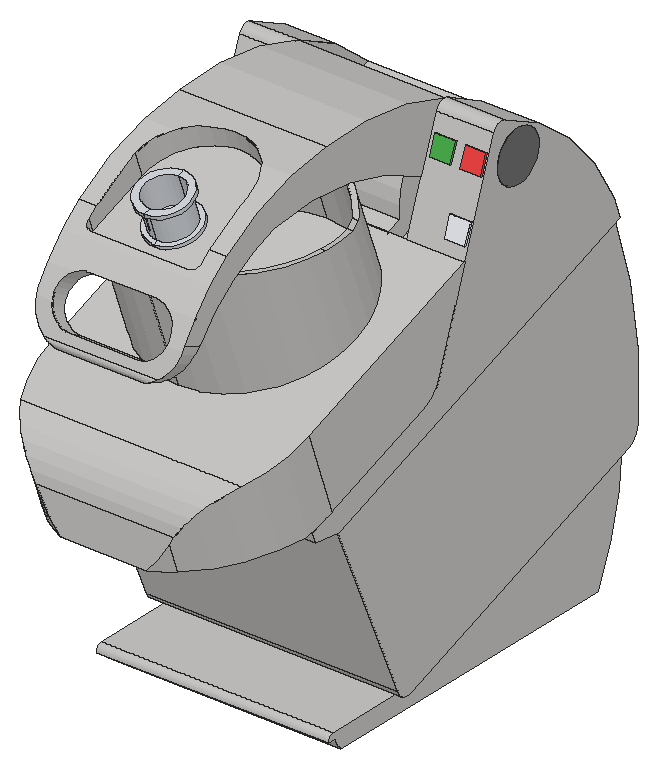
Revit family "QF_ELECTROLUXPROFESSIONAL_600464_TRSY1V50", category Specialty Equipment, Revit 2018
Family settings
  Round Connector Dimension = Use Diameter
  Part Type = Normal
  Work Plane-Based = No
  Always vertical = Yes
  Cut with Voids When Loaded = No
  Shared = No
  Room Calculation Point = No
Parameters (values of type "QF_ELECTROLUX_600464_TRSY1V50")
  Weight = 21.40 kg
  Watts = 0 W
  Volts = 220 V
  URL Manufacturer = "http://professional.electrolux.com"
  URL = "http://professional.electrolux.com"
  Steam Supply Size = 0 mm
  Steam Supply Minimum Pressure = 0.0 Pa
  Steam Supply Maximum Pressure = 0.0 Pa
  Steam Pounds per Hour = 0
  Refrigeration Suction Line Size = 0 mm
  Refrigeration Liquid Line Size = 0 mm
  Refrigerant Compressor Remote = yes
  Manufacturer = "Electrolux"
  Phase = 1
  Model = "TRSY1V50"
  Length Actual = 252 mm  # constant formula
  Item Number = "600464"
  Hot Water Size = 0 mm
  Height Actual = 515 mm  # constant formula
  HP = "0.7 HP"
  Gas Size = 0 mm
  Gas KW = 0
  Gas Input Pressure = 0 W
  Direct Waste Size = 0 mm
  Description = "VEGETABLE SLICER-1 SPEED-500W-220-240/1/50"
  Depth Actual = 500 mm  # constant formula
  Cycle = 50 Hz
  Condensate Return Size = 0 mm
  Compressed Air Volume = 0.0 L/s
  Compressed Air Size = 0 mm
  Compressed Air Pressure = 0.0 Pa
  Cold Water Size = 0 mm
  Accessory = yes
Reference planes
  plane 1 "Center (Front/Back)": y = 0
  plane 2: z = 0
  plane 3 "Center (Left/Right)": x = 0
  plane 4 "BASE": through (-1506.947, -1354.442, -482.669) normal (0, -0.342, 0.9397)
  plane 5 "TOP": z = 780
  plane 6 "FRONT": y = -250
  plane 7 "BACK": y = 250
  plane 8 "LEFT": x = -126
  plane 9 "RIGHT": x = 126
  plane 10 "BaseSup": through (4267.2, -355.454, 143.983) normal (0, -0.342, 0.9397)
  plane 11 "TopCylinder": z = 502
  plane 12 "panel": through (4267.2, 37.396, 376.789) normal (0, -0.9397, 0.342)
  plane 13 "TAN1": through (4267.2, -242.8, 386.84) normal (0, -0.868, 0.4965)
  plane 14 "cx": x = -4.392
Forms (mm)
  Extrusion 1, solid, material "QF_Finishes_Stainless Steel"
    sketch origin (0, 71.755, 29.173) x (0, 0.939693, 0.34202) y (0, -0.34202, 0.939693)
      loop
        line (194.125, 30) -> (-100, 30) -> (-172.671, 56.45)
        arc (-172.671, 56.45) -> (-177.706, 56.23) -> (-181.11, 52.515) r 6.584
        line (-181.11, 52.515) -> (-172.825, 49.499)
        arc (-172.825, 49.499) -> (-173.282, 42.917) -> (-170.601, 36.887) r 13.662
        line (-170.601, 36.887) -> (125.402, -70.849)
        arc (125.402, -70.849) -> (140.415, -55.659) -> (154.125, -39.282) r 258.806
        arc (154.125, -39.282) -> (176.416, -5.964) -> (194.125, 30) r 303.676
    from -114.1 to 114.1
  Extrusion 2, solid, material "QF_Finishes_Stainless Steel"
    sketch origin (0, 71.755, 29.173) x (0, 0.939693, 0.34202) y (0, -0.34202, 0.939693)
      loop
        arc (-117.754, 231.836) -> (-115.421, 136.806) -> (-106.378, 42.177) r 1344.145
        arc (-106.378, 42.177) -> (-102.811, 33.567) -> (-94.2, 30) r 12.177
        line (-94.2, 30) -> (191.415, 30)
        arc (191.415, 30) -> (200.799, 34.052) -> (207.001, 42.177) r 20.212
        arc (207.001, 42.177) -> (237.263, 134.79) -> (245.906, 231.836) r 430.148
        line (245.906, 231.836) -> (-117.754, 231.836)
    from -123.6 to 123.2
  Extrusion 3, solid, material "QF_Finishes_Stainless Steel"
    sketch origin (0, 71.755, 29.173) x (0, 0.939693, 0.34202) y (0, -0.34202, 0.939693)
      loop
        line (-117.754, 231.836) -> (250, 231.836) -> (250, 254)
        arc (250, 254) -> (225.127, 344.7) -> (167.861, 419.303) r 244.524
        arc (167.861, 419.303) -> (160.498, 421.774) -> (153.587, 418.23) r 10
        line (153.587, 418.23) -> (25.432, 265.5)
        arc (25.432, 265.5) -> (14.376, 257.016) -> (0.77, 254) r 32.194
        line (0.77, 254) -> (-142.678, 254) -> (-142.678, 244) -> (-117.754, 231.836)
    from -125 to 125
  Extrusion 4, void
    sketch origin (0, 71.755, 29.173) x (0, 0.939693, 0.34202) y (0, -0.34202, 0.939693)
      loop
        line (146.605, 338.403) -> (228.145, 338.403)
        arc (228.145, 338.403) -> (202.221, 381.996) -> (167.861, 419.303) r 244.524
        arc (167.861, 419.303) -> (160.498, 421.774) -> (153.587, 418.23) r 10
        line (153.587, 418.23) -> (72.34, 321.403) -> (146.605, 321.403) -> (146.605, 338.403)
    from -76.755 to 68.071
  Extrusion 5, solid, material "QF_Finishes_Stainless Steel"
    sketch origin (0, 71.755, 29.173) x (0, 0.939693, 0.34202) y (0, -0.34202, 0.939693)
      loop
        line (86.605, 338.403) -> (69.605, 321.403) -> (146.605, 321.403) -> (146.605, 338.403) -> (138.179, 338.403) -> (138.179, 369.367)
        arc (138.179, 369.367) -> (147.784, 373.474) -> (158.149, 372.174) r 19.987
        arc (158.149, 372.174) -> (156.791, 382.001) -> (162.888, 389.826) r 12.748
        arc (162.888, 389.826) -> (123.302, 374.774) -> (101.605, 338.403) r 64.447
        line (101.605, 338.403) -> (86.605, 338.403)
    from -65 to 50
  Extrusion 6, solid, material "QF_Finishes_Stainless Steel"
    sketch origin (539, 71.755, 29.173) x (0, -0.939693, -0.34202) y (0, -0.34202, 0.939693)
      loop
        circle (-169.102, 378.696) r 12.748
    from 489 to 604
  Extrusion 7, solid, material "QF_Finishes_Rubber Black"
    sketch origin (0, 71.755, 29.173) x (0, 0.939693, 0.34202) y (0, -0.34202, 0.939693)
      loop
        circle (169.102, 378.696) r 25
    from 125 to 126.6
  Extrusion 8, solid, material "QF_Finishes_Green"
    sketch origin (-10, -113.728, -38.42) x (0, -0.34202, -0.939693) y (1, 0, 0)
      loop
        line (-529.862, 82.865) -> (-509.862, 82.865) -> (-509.862, 102.865) -> (-529.862, 102.865) -> (-529.862, 82.865)
    from 0 to 1.6
  Extrusion 9, solid, material "QF_Finishes_Red"
    sketch origin (20, -113.728, -38.42) x (0, -0.34202, -0.939693) y (1, 0, 0)
      loop
        line (-529.862, 82.865) -> (-509.862, 82.865) -> (-509.862, 102.865) -> (-529.862, 102.865) -> (-529.862, 82.865)
    from 0 to 1.6
  Extrusion 10, solid, material "QF_Finishes_White"
    sketch origin (19.976, -149.421, -75.636) x (0, -0.34202, -0.939693) y (1, 0, 0)
      loop
        line (-521.192, 82.865) -> (-501.192, 82.865) -> (-501.192, 102.865) -> (-521.192, 102.865) -> (-521.192, 82.865)
    from 0 to 1.6
  Extrusion 11, solid, material "QF_Finishes_Rubber Black"
    sketch origin (-20, -306.935, 99.376) x (0, -1, 0) y (1, 0, 0)
      loop
        circle (-230.144, 103.748) r 10
      loop
        circle (-230.144, -61.252) r 10
    from 9.274 to 3.787
  Extrusion 12, void
    sketch origin (-20.94, 306.731, 139.428) x (-1, 0, 0) y (0, -0.34202, 0.939693)
      loop
        circle (-20.94, 196.093) r 10
    from -1.916 to -26.433
  Extrusion 13, solid, material "QF_Finishes_Stainless Steel"
    sketch origin (-20.94, 306.678, 139.573) x (-1, 0, 0) y (0, -0.34202, 0.939693)
      loop
        circle (-20.94, 195.939) r 9.999
    from -8.514 to -26.433
  Extrusion 14, solid, material "QF_Finishes_Stainless Steel"
    sketch origin (0, -15.119, 267.855) x (0, -0.939693, -0.34202) y (1, 0, 0)
      loop
        line (-86.605, -125) -> (117.754, -125)
        arc (117.754, -125) -> (182.577, -108.838) -> (232.224, -64.135) r 138.076
        arc (232.224, -64.135) -> (246.337, -33.516) -> (250, 0) r 104.824
        arc (250, 0) -> (246.337, 33.516) -> (232.224, 64.135) r 104.824
        arc (232.224, 64.135) -> (182.577, 108.838) -> (117.754, 125) r 138.076
        line (117.754, 125) -> (-86.605, 125) -> (-86.605, -125)
    from 0 to 84.403
  Extrusion 15, void
    sketch origin (0, 71.755, 29.173) x (0, 0.939693, 0.34202) y (0, -0.34202, 0.939693)
      loop
        line (-148.177, 254) -> (-243.49, 272.527) -> (-229.509, 307.133)
        arc (-229.509, 307.133) -> (-211.109, 329.855) -> (-183.149, 338.403) r 50
        line (-183.149, 338.403) -> (-263.395, 338.403) -> (-263.395, 254) -> (-148.177, 254)
      loop
        line (86.605, 338.403) -> (25.432, 265.5)
        arc (25.432, 265.5) -> (14.376, 257.016) -> (0.77, 254) r 32.194
        line (0.77, 254) -> (86.605, 254) -> (86.605, 338.403)
    from -156.555 to 144.79
  Extrusion 16, solid, material "QF_Finishes_Rubber Black"
    sketch origin (-20, -28.598, 99.376) x (0, -1, 0) y (1, 0, 0)
      loop
        circle (-230.144, 103.748) r 10
      loop
        circle (-230.144, -61.252) r 10
    from 9.274 to 3.787
  Extrusion 17, solid, material "QF_Finishes_Stainless Steel"
    sketch origin (0, 0, 0) x (0, 1, 0) y (0, 0, 1)
      loop
        arc (-237.987, 360.286) -> (-193.334, 422.101) -> (-125.907, 457.716) r 167.502
        arc (-125.907, 457.716) -> (-32.614, 457.202) -> (54.785, 424.565) r 266.494
        line (54.785, 424.565) -> (73.036, 474.711)
        arc (73.036, 474.711) -> (77.269, 479.853) -> (83.792, 481.198) r 10
        arc (83.792, 481.198) -> (12.917, 500.705) -> (-60.594, 500.999) r 278.64
        arc (-60.594, 500.999) -> (-125.023, 488.463) -> (-183.511, 458.675) r 236.13
        arc (-183.511, 458.675) -> (-222.818, 420.732) -> (-248.457, 372.49) r 174.407
        arc (-248.457, 372.49) -> (-249.83, 368.135) -> (-247.05, 364.513) r 4.945
        line (-247.05, 364.513) -> (-237.987, 360.286)
    from -76.755 to 68.071
  Extrusion 18, void
    sketch origin (0, -252.846, 369.279) x (0, -0.496521, -0.868025) y (1, 0, 0)
      loop
        line (-13.723, -36.755) -> (-13.723, 28.071)
        arc (-13.723, 28.071) -> (-38.723, 53.071) -> (-63.723, 28.071) r 25
        line (-63.723, 28.071) -> (-63.723, -36.755)
        arc (-63.723, -36.755) -> (-38.723, -61.755) -> (-13.723, -36.755) r 25
    from -148.493 to 7.125
  Extrusion 19, void
    sketch origin (0, -88.076, 32.057) x (0, -0.34202, -0.939693) y (1, 0, 0)
      loop
        line (-257.162, 68.071) -> (-297.162, 68.071)
        arc (-297.162, 68.071) -> (-268.878, 56.356) -> (-257.162, 28.071) r 40
        line (-257.162, 28.071) -> (-257.162, 68.071)
      loop
        line (-257.162, -76.755) -> (-257.162, -36.755)
        arc (-257.162, -36.755) -> (-268.878, -65.039) -> (-297.162, -76.755) r 40
        line (-297.162, -76.755) -> (-257.162, -76.755)
    from 233.374 to 280.473
  Extrusion 20, void
    sketch origin (0, -73.76, 246.511) x (0, -0.939693, -0.34202) y (1, 0, 0)
      loop
        spline (50.415, 43.499) -> (50.302, 44.538) -> (50.07, 45.551) -> (49.722, 46.523) -> (49.265, 47.436) -> (48.705, 48.278) -> (48.053, 49.034) -> (47.317, 49.692) -> (46.511, 50.241) -> (45.647, 50.674) -> (44.738, 50.981) -> (43.801, 51.16) -> (42.848, 51.221)
        line (42.848, 51.221) -> (-21.826, 51.221)
        arc (-21.826, 51.221) -> (-77.476, -4.429) -> (-21.826, -60.078) r 55.65
        line (-21.826, -60.078) -> (42.849, -60.064)
        spline (42.849, -60.064) -> (43.796, -60.017) -> (44.73, -59.836) -> (45.637, -59.525) -> (46.5, -59.088) -> (47.306, -58.532) -> (48.042, -57.867) -> (48.695, -57.103) -> (49.256, -56.253) -> (49.715, -55.331) -> (50.065, -54.351) -> (50.3, -53.329) -> (50.415, -52.283)
        line (50.415, -52.283) -> (50.415, 43.499)
    from 219.928 to 259.975
  Extrusion 21, void
    sketch origin (0, -87.856, 241.381) x (0, -0.939693, -0.34202) y (1, 0, 0)
      loop
        circle (-4.976, -4.429) r 22.5
    from 184.171 to 259.975
  Extrusion 22, solid, material "QF_Finishes_Stainless Steel"
    sketch origin (0, -57.13, 252.564) x (0, -0.939693, -0.34202) y (1, 0, 0)
      loop
        circle (-27.476, -4.429) r 100
      loop
        circle (-27.476, -4.429) r 95
    from 84.403 to 219.928
  Extrusion 23, void
    sketch origin (539, 0, 0) x (0, -1, 0) y (0, 0, 1)
      loop
        line (-7.229, 448.453) -> (38.883, 431.669) -> (53.883, 431.669) -> (97.232, 435.738) -> (172.232, 435.738) -> (200.5, 434.424) -> (12.562, 502.828) -> (-7.229, 448.453)
    from 424.9 to 664
  Revolve 24, solid
    sketch origin (-4.392, 0, 0) x (0, 1, 0) y (0, 0, 1)
      loop
        line (-159.523, 452.833) -> (-177.266, 446.376) -> (-188.766, 477.973) -> (-195.199, 475.631) -> (-193.959, 472.225) -> (-189.261, 473.935) -> (-179, 445.744) -> (-183.698, 444.034) -> (-182.575, 440.948) -> (-179.543, 442.052) -> (-133.191, 314.7) -> (-112.048, 322.396) -> (-159.523, 452.833)
      axis (-112.048, 322.396) -> (-171.023, 484.431)
    angle from 0 to 360
  Extrusion 25, solid, material "QF_Door-Drawer Clearances", detail levels coarse
    sketch origin (0, -259.129, 728.467) x (0, -0.462376, -0.886684) y (0, 0.886684, -0.462376)
      loop
        arc (-237.987, 360.286) -> (-193.334, 422.101) -> (-125.907, 457.716) r 167.502
        arc (-125.907, 457.716) -> (-32.614, 457.202) -> (54.785, 424.565) r 266.494
        line (54.785, 424.565) -> (59.562, 427.056)
        arc (59.562, 427.056) -> (59.025, 458.234) -> (62.46, 489.226) r 244.524
        arc (62.46, 489.226) -> (1.594, 502.023) -> (-60.594, 500.999) r 278.64
        arc (-60.594, 500.999) -> (-125.023, 488.463) -> (-183.511, 458.675) r 236.13
        arc (-183.511, 458.675) -> (-222.818, 420.732) -> (-248.457, 372.49) r 174.407
        arc (-248.457, 372.49) -> (-249.83, 368.135) -> (-247.05, 364.513) r 4.945
        line (-247.05, 364.513) -> (-237.987, 360.286)
    from -76.755 to 68.071
  Extrusion 26, solid, material "QF_Door-Drawer Clearances", detail levels coarse
    sketch origin (-4.392, 0, 0) x (0, 1, 0) y (0, 0, 1)
      loop
        arc (180.062, 780.324) -> (-149.234, 694.151) -> (-249.905, 368.994) r 350.321
        line (-249.905, 368.994) -> (-246.546, 377.767)
        arc (-246.546, 377.767) -> (-144.345, 691.9) -> (174.993, 776.44) r 345.321
        line (174.993, 776.44) -> (180.062, 780.324)
    from -60 to 60
Cuts and joins
  Extrusion 4, Extrusion 19, Extrusion 20, Extrusion 21 cuts Extrusion 3
  Extrusion 15, Extrusion 19, Extrusion 20, Extrusion 21 cuts Extrusion 14
  Extrusion 18, Extrusion 19, Extrusion 20, Extrusion 21 cuts Extrusion 17
  Extrusion 12, Extrusion 20, Extrusion 21 cuts Extrusion 2
  Extrusion 23 cuts Extrusion 22
Lines and regions (mm)
  model lines
    curve 1: line (-65, 80.335, 302.597) -> (50, 80.335, 302.597)
    curve 2: line (-65, 83.13, 303.615) -> (50, 83.13, 303.615)
Dimensions and locks
  plane 5 "TOP" to level = 780 mm
  plane 8 "LEFT" to plane 3 "Center (Left/Right)" to plane 9 "RIGHT" = 126 mm, 126 mm
  plane 7 "BACK" to plane 1 "Center (Front/Back)" to plane 6 "FRONT" = 250 mm, 250 mm
  plane 5 "TOP" to plane 2 = 780 mm
  plane 5 "TOP" to plane 11 "TopCylinder" = 278 mm
  plane 6 "FRONT" to plane 7 "BACK" = 500 mm
  plane 7 "BACK" to plane 6 "FRONT" = 500 mm
  plane 11 "TopCylinder" to level = 502 mm
  aligned and locked: level to plane 2
Connectors
  electrical at (0, 231.662, 320.783), driven by "Volts"
    settings: on Extrusion 13, index 1, voltage 220 V, apparent load 0 VA, apparent load phase1 0 VA, apparent load phase2 0 VA, apparent load phase3 0 VA, power factor 1, load classification "Other", number of poles 1, system type 30, power factor state 1, is connector primary yes, connector utility no, sub classification motor no, connector description "Electrical Connection"
